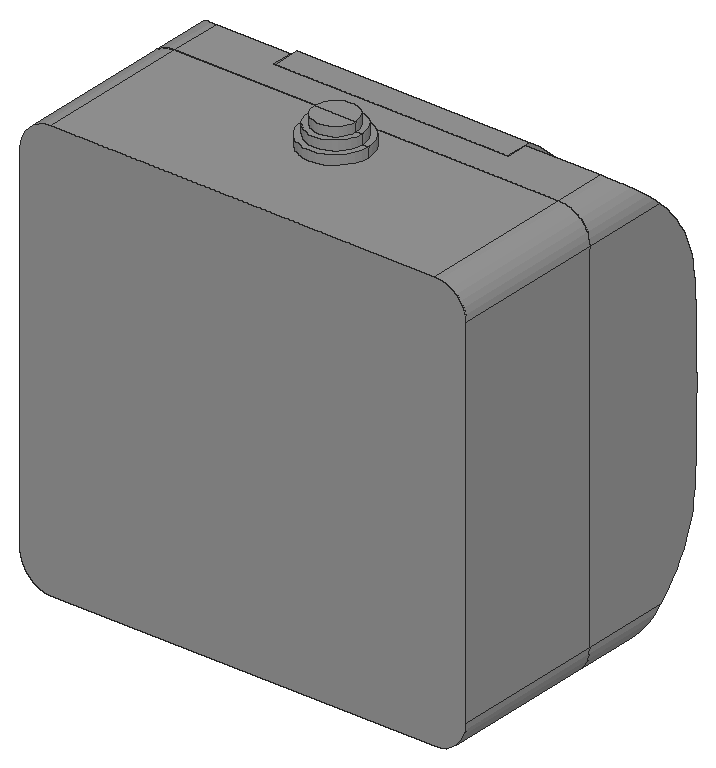
Revit family "IEK_РозеткаСетевая_ОткрытойУстановки_C ЗК с Кр 16А одноместная IP54_AQUATIC", category Электрические приборы, Revit 2019
Family settings
  Сохранять ориентацию аннотаций = Да
  Размер круглого соединителя = Использовать диаметр
  Тип детали = Нормальный
  На основе рабочей плоскости = Нет
  Всегда вертикально = Да
  При загрузке вырезать с полостями = Нет
  Общий = Нет
  Точка расчета площади = Нет
Parameters (values of type "РСш12-2-А")
  Ширина = 72 mm  # constant formula
  Тип монтажа = "Поверхность монтажа (открытая установка)"  # constant formula
  Степень защиты = "IP54"  # constant formula
  Изготовитель = "IEK"  # constant formula
  Дата изменения = ""
  Глубина = 47.5 mm  # constant formula
  Высота = 77 mm  # constant formula
  ΔХ [instance] = 2000 mm
  ΔY [instance] = 2000 mm
  KSI_CPr_Строительные изделия = "20.4.03.04 20.4.03.05 20.4.03.06"  # constant formula
  KSI_CMa_Строительные материалы = "01.7.14.03"  # constant formula
  IEK_Цена за единицу = 257.8
  IEK_Поиск в таблице имен = ""
  IEK_Описание = "Серия электроустановочных изделий AQUATIC IEK с повышенной степенью защиты IP54 предназначена для организации электроснабжения в условиях высокой влажности, в пыльных помещениях, мастерских, гаражах, а также на улице при установке под навесом, защищающем от прямого попадания осадков.\r\nСерия AQUATIC IEK продумана до мельчайших деталей для удобства и безопасного использования."
  IEK_URL = "https://www.iek.ru/products/catalog/izdeliya_elektroustanovochnye_udliniteli_i_silovye_razemy/elektroustanovochnye_izdeliya/elektroustanovochnye_izdeliya_otkrytogo_montazha_ip44_ip54/elektroustanovochnye_izdeliya_aquatic/rozetka_1_mestnaya_dlya_otkrytoy_ustanovki_rssh12_2_a_s_zazemlyayushchim_kontaktom_i_kryshkoy_16a_ip54_aquatic_iek"
  ADSK_Ток [instance] = 16 A  # constant formula
  ADSK_Примечание = ""
  ADSK_Полная мощность [instance] = ADSK_Номинальная мощность / ADSK_Коэффициент мощности  # 3520 VA
  ADSK_Позиция [instance] = ""
  ADSK_Номинальная мощность [instance] = ADSK_Ток * ADSK_Напряжение * sqrt(ADSK_Количество фаз числовое) * ADSK_Коэффициент мощности  # 3520 W
  ADSK_Напряжение = 220 V
  ADSK_Наименование = "Розетка 1-местная для открытой установки РСш12-2-А с заземляющим контактом и крышкой 16А IP54 AQUATIC IEK"
  ADSK_Материал обозначение = ""
  ADSK_Материал наименование = "Пластик"  # constant formula
  ADSK_Материал = Окраска - RAL 7035
  ADSK_Масса = 0.12
  ADSK_Марка = "AQUATIC"  # constant formula
  ADSK_Коэффициент мощности [instance] = 1  # constant formula
  ADSK_Количество фаз числовое = 1
  ADSK_Количество фаз = 1
  ADSK_Код изделия = "ERA12-K03-16-54"
  ADSK_Классификация нагрузок [instance] = Прочее
  ADSK_Завод-изготовитель = "IEK"  # constant formula
  ADSK_Единица измерения = "шт"  # constant formula
  ADSK_Группирование = "III ЭЛЕКТРОУСТАНОВОЧНЫЕ И ЭЛЕКТРОМОНТАЖНЫЕ ИЗДЕЛИЯ"  # constant formula
  ADSK_Версия семейства = "1.0"  # constant formula
  ADSK_Версия Revit = "2019"  # constant formula
  ADSK_URL страницы изделия = "https://www.iek.ru/products/catalog/izdeliya_elektroustanovochnye_udliniteli_i_silovye_razemy/elektroustanovochnye_izdeliya/elektroustanovochnye_izdeliya_otkrytogo_montazha_ip44_ip54/elektroustanovochnye_izdeliya_aquatic/"
Reference planes
  plane 1 "По центру (Вперед/Назад)": y = 0
  plane 2: z = 0
  plane 3 "По центру (Влево/Вправо)": x = 0
  plane 4 "Высота ножек": z = 280
  plane 5 "Высота": z = 2081.496
  plane 6: x = -2000
  plane 7: y = 2000
Forms (mm)
  Extrusion 1, solid, detail levels coarse
    sketch origin (5, 0, 0) x (1, 0, 0) y (0, 1, 0)
      loop
        line (-41, 47.5) -> (-41, 0) -> (31, 0) -> (31, 47.5) -> (-41, 47.5)
    from 0 to 77
  Extrusion 2, solid, detail levels medium
    sketch origin (5, 33.5, 0) x (1, 0, 0) y (0, 1, 0)
      loop
        line (-41, 14) -> (-41, -33.5) -> (31, -33.5) -> (31, 14) -> (-41, 14)
    from 0 to 77
  Extrusion 3, solid, material "Окраска - RAL 7035" <- "ADSK_Материал", detail levels fine
    sketch origin (0, 0, 0) x (1, 0, 0) y (0, 0, 1)
      loop
        line (31, 72.5) -> (-31, 72.5)
        arc (-31, 72.5) -> (-34.536, 71.036) -> (-36, 67.5) r 5
        line (-36, 67.5) -> (-36, 9.5)
        arc (-36, 9.5) -> (-34.536, 5.964) -> (-31, 4.5) r 5
        line (-31, 4.5) -> (31, 4.5)
        arc (31, 4.5) -> (34.536, 5.964) -> (36, 9.5) r 5
        line (36, 9.5) -> (36, 67.5)
        arc (36, 67.5) -> (34.536, 71.036) -> (31, 72.5) r 5
    from 0 to -25
  Extrusion 4, solid, material "Окраска - RAL 7035" <- "ADSK_Материал", detail levels fine
    sketch origin (0, 0, 0) x (0, 1, 0) y (0, 0, 1)
      loop
        line (25, 72.5) -> (25, 4.5) -> (33.36, 4.5)
        spline (33.36, 4.5) -> (37.052, 7.49) -> (39.935, 10.244) -> (42.111, 12.781) -> (43.681, 15.117) -> (44.751, 17.278) -> (45.431, 19.324) -> (45.834, 21.329) -> (46.076, 23.368) -> (46.253, 25.585) -> (46.384, 28.46) -> (46.466, 32.572) -> (46.494, 38.5)
        spline (46.494, 38.5) -> (46.466, 44.428) -> (46.384, 48.54) -> (46.253, 51.415) -> (46.076, 53.632) -> (45.834, 55.671) -> (45.431, 57.676) -> (44.751, 59.722) -> (43.681, 61.883) -> (42.111, 64.219) -> (39.935, 66.756) -> (37.052, 69.51) -> (33.36, 72.5)
        line (33.36, 72.5) -> (25, 72.5)
    from 36 to -36
  Extrusion 5, void
    sketch origin (0, 0, 0) x (1, 0, 0) y (0, 0, 1)
      loop
        line (31, 17.5) -> (31, 59.5)
        arc (31, 59.5) -> (29.536, 63.036) -> (26, 64.5) r 5
        line (26, 64.5) -> (19.01, 64.5) -> (19.01, 80.035) -> (-19.01, 80.035) -> (-19.01, 64.5) -> (-26, 64.5)
        arc (-26, 64.5) -> (-29.536, 63.036) -> (-31, 59.5) r 5
        line (-31, 59.5) -> (-31, 17.5)
        arc (-31, 17.5) -> (-29.536, 13.964) -> (-26, 12.5) r 5
        line (-26, 12.5) -> (-19.01, 12.5) -> (-19.01, -1.782) -> (19.01, -1.782) -> (19.01, 12.5) -> (26, 12.5)
        arc (26, 12.5) -> (29.536, 13.964) -> (31, 17.5) r 5
    from -30 to -47.5
  Revolve 6, solid, material "Окраска - RAL 7035" <- "ADSK_Материал", detail levels fine
    sketch origin (0, 18.639, 0) x (1, 0, 0) y (0, 0, 1)
      loop
        line (0, 72.5) -> (0, 77) -> (-3.336, 77) -> (-3.336, 75.541) -> (-4.336, 75.541) -> (-4.336, 74.014) -> (-5.336, 74.014) -> (-5.336, 72.5) -> (0, 72.5)
      loop
        line (0, 4.5) -> (-5.336, 4.5) -> (-5.336, 2.986) -> (-4.336, 2.986) -> (-4.336, 1.459) -> (-3.336, 1.459) -> (-3.336, 0) -> (0, 0) -> (0, 4.5)
      axis (0, 0) -> (0, 77)
    angle from 0 to 360
  Extrusion 7, void
    sketch origin (0, 0, 0) x (1, 0, 0) y (0, 0, 1)
      loop
        line (36, 67.5) -> (39.092, 67.5) -> (39.092, 75.313) -> (31, 75.313) -> (31, 72.5)
        arc (31, 72.5) -> (34.536, 71.036) -> (36, 67.5) r 5
      loop
        arc (-36, 67.5) -> (-34.536, 71.036) -> (-31, 72.5) r 5
        line (-31, 72.5) -> (-31, 75.313) -> (-39.092, 75.313) -> (-39.092, 67.5) -> (-36, 67.5)
      loop
        arc (36, 9.5) -> (34.536, 5.964) -> (31, 4.5) r 5
        line (31, 4.5) -> (31, 1.687) -> (39.092, 1.687) -> (39.092, 9.5) -> (36, 9.5)
      loop
        line (-36, 9.5) -> (-39.092, 9.5) -> (-39.092, 1.687) -> (-31, 1.687) -> (-31, 4.5)
        arc (-31, 4.5) -> (-34.536, 5.964) -> (-36, 9.5) r 5
    from -25 to -47.5
  Extrusion 8, solid, material "Окраска - RAL 7035" <- "ADSK_Материал", detail levels fine
    sketch origin (0, 0, 0) x (1, 0, 0) y (0, 0, 1)
      loop
        line (18.768, 72.5) -> (-18.768, 72.5) -> (-18.768, 64.311) -> (-25.745, 64.311)
        arc (-25.745, 64.311) -> (-29.28, 62.847) -> (-30.745, 59.311) r 5
        line (-30.745, 59.311) -> (-30.745, 17.689)
        arc (-30.745, 17.689) -> (-29.28, 14.153) -> (-25.745, 12.689) r 5
        line (-25.745, 12.689) -> (-18.768, 12.689) -> (-18.768, 7.689)
        arc (-18.768, 7.689) -> (0, 4.5) -> (18.768, 7.689) r 56.82
        line (18.768, 7.689) -> (18.768, 12.689) -> (25.745, 12.689)
        arc (25.745, 12.689) -> (29.28, 14.153) -> (30.745, 17.689) r 5
        line (30.745, 17.689) -> (30.745, 59.311)
        arc (30.745, 59.311) -> (29.28, 62.847) -> (25.745, 64.311) r 5
        line (25.745, 64.311) -> (18.768, 64.311) -> (18.768, 72.5)
    from -30 to -47.5
  Extrusion 9, void
    sketch origin (0, 0, 0) x (0, 1, 0) y (0, 0, 1)
      loop
        line (56.051, 1.237) -> (56.051, 75.763) -> (34.365, 75.763) -> (34.365, 72.5)
        spline (34.365, 72.5) -> (38.058, 69.51) -> (40.941, 66.756) -> (43.116, 64.219) -> (44.687, 61.883) -> (45.757, 59.722) -> (46.436, 57.676) -> (46.84, 55.671) -> (47.082, 53.632) -> (47.259, 51.415) -> (47.39, 48.54) -> (47.472, 44.428) -> (47.5, 38.5)
        spline (47.5, 38.5) -> (47.472, 32.572) -> (47.39, 28.46) -> (47.259, 25.585) -> (47.082, 23.368) -> (46.84, 21.329) -> (46.436, 19.324) -> (45.757, 17.278) -> (44.687, 15.117) -> (43.116, 12.781) -> (40.941, 10.244) -> (38.058, 7.49) -> (34.365, 4.5)
        line (34.365, 4.5) -> (34.365, 1.237) -> (56.051, 1.237)
    from 56.532 to -50
Cuts and joins
  Extrusion 5 cuts Extrusion 3
  Extrusion 5, Extrusion 7 cuts Extrusion 4
  Extrusion 9 cuts Extrusion 8
Lines and regions (mm)
  reference lines
    curve 1: line (0, 44.647, 0) -> (0, -55.353, 0)
    curve 2: line (-23.829, 0, 0) -> (76.171, 0, 0)
Dimensions and locks
  locked: plane 4 "Высота ножек" to plane 2 at 280
  plane 5 "Высота" to plane 4 "Высота ножек" = 1801.496 mm
  "ΔХ": plane 6 to curve 1
  "ΔY": plane 7 to curve 2
  aligned and locked: level to plane 2
  aligned and locked: nested 1 to curve 1
  aligned and locked: curve 2 to nested 1
  aligned and locked: Extrusion 1 to Extrusion 2  (x2)
Automatic sketch dimensions
  plane 1 "По центру (Вперед/Назад)" to Extrusion 1 sketch curve = 0 mm
  Extrusion 1 sketch curve to plane 3 "По центру (Влево/Вправо)" = 36 mm
  plane 3 "По центру (Влево/Вправо)" to Extrusion 1 sketch curve = 36 mm
  Extrusion 1 sketch curve to plane 1 "По центру (Вперед/Назад)" = 47.5 mm
  plane 1 "По центру (Вперед/Назад)" to Extrusion 2 sketch curve = 0 mm
  Extrusion 2 sketch curve to plane 3 "По центру (Влево/Вправо)" = 36 mm
  plane 3 "По центру (Влево/Вправо)" to Extrusion 2 sketch curve = 36 mm
  Extrusion 2 sketch curve to plane 1 "По центру (Вперед/Назад)" = 47.5 mm
  level to Extrusion 3 sketch curve = 9.5 mm
  Extrusion 3 sketch curve to plane 3 "По центру (Влево/Вправо)" = 36 mm
  level to Extrusion 3 sketch curve = 4.5 mm
  Extrusion 3 sketch curve to Extrusion 3 sketch curve = 5 mm  (x2)
  plane 3 "По центру (Влево/Вправо)" to Extrusion 3 sketch curve = 31 mm  (x2)
  Extrusion 3 sketch curve to Extrusion 3 sketch curve = 58 mm
  Revolve 6 sketch curve to level = 0 mm
  Revolve 6 sketch curve to plane 3 "По центру (Влево/Вправо)" = 0 mm  (x3)
  Revolve 6 sketch curve to plane 3 "По центру (Влево/Вправо)" = 3.336 mm  (x2)
  Revolve 6 sketch curve to Revolve 6 sketch curve = 1 mm  (x4)
  Revolve 6 sketch curve to Revolve 6 sketch curve = 1.459 mm  (x2)
  Revolve 6 sketch curve to Revolve 6 sketch curve = 1.527 mm  (x2)
  Revolve 6 sketch curve to Revolve 6 sketch curve = 4.5 mm
  Revolve 6 sketch curve to Revolve 6 sketch curve = 68 mm
  Revolve 6 sketch curve to Revolve 6 sketch curve = 1.514 mm
  Revolve 6 sketch curve to level = 381 mm
  Revolve 6 sketch curve to plane 5 "Высота" = 462.485 mm
  Extrusion 5 sketch curve to Extrusion 5 sketch curve = 5 mm  (x3)
  Extrusion 5 sketch curve to Extrusion 5 sketch curve = 6.99 mm  (x4)
  Extrusion 5 sketch curve to level = 1.782 mm
  plane 3 "По центру (Влево/Вправо)" to Extrusion 5 sketch curve = 19.01 mm  (x2)
  Extrusion 5 sketch curve to Extrusion 5 sketch curve = 14.282 mm
  Extrusion 5 sketch curve to Extrusion 5 sketch curve = 42 mm  (x2)
  Extrusion 5 sketch curve to Extrusion 5 sketch curve = 15.535 mm
  level to Extrusion 5 sketch curve = 12.5 mm
  Extrusion 5 sketch curve to plane 3 "По центру (Влево/Вправо)" = 19.01 mm
  Extrusion 7 sketch curve to plane 3 "По центру (Влево/Вправо)" = 39.092 mm  (x2)
  level to Extrusion 7 sketch curve = 9.5 mm  (x2)
  Extrusion 7 sketch curve to Extrusion 7 sketch curve = 3.092 mm  (x3)
  Extrusion 7 sketch curve to Extrusion 7 sketch curve = 5 mm  (x3)
  level to Extrusion 7 sketch curve = 1.687 mm  (x2)
  Extrusion 7 sketch curve to Extrusion 7 sketch curve = 8.092 mm  (x2)
  plane 3 "По центру (Влево/Вправо)" to Extrusion 7 sketch curve = 31 mm  (x2)
  Extrusion 7 sketch curve to Extrusion 7 sketch curve = 58 mm  (x2)
  Extrusion 7 sketch curve to Extrusion 7 sketch curve = 7.813 mm
  Extrusion 7 sketch curve to Extrusion 7 sketch curve = 2.813 mm
  Extrusion 8 sketch curve to plane 3 "По центру (Влево/Вправо)" = 0 mm
  Extrusion 8 sketch curve to plane 3 "По центру (Влево/Вправо)" = 18.768 mm  (x2)
  Extrusion 8 sketch curve to Extrusion 8 sketch curve = 6.977 mm  (x4)
  Extrusion 8 sketch curve to Extrusion 8 sketch curve = 5 mm  (x3)
  plane 3 "По центру (Влево/Вправо)" to Extrusion 8 sketch curve = 18.768 mm  (x2)
  level to Extrusion 8 sketch curve = 12.689 mm  (x2)
  Extrusion 8 sketch curve to Extrusion 8 sketch curve = 41.622 mm  (x2)
  Extrusion 8 sketch curve to Extrusion 8 sketch curve = 2.991 mm
  Extrusion 8 sketch curve to Extrusion 8 sketch curve = 8.189 mm
  Extrusion 9 sketch curve to plane 1 "По центру (Вперед/Назад)" = 34.365 mm  (x2)
  level to Extrusion 9 sketch curve = 1.237 mm
  Extrusion 9 sketch curve to Extrusion 9 sketch curve = 13.135 mm
  Extrusion 9 sketch curve to Extrusion 9 sketch curve = 21.685 mm
  Extrusion 9 sketch curve to Extrusion 9 sketch curve = 3.263 mm  (x2)
  Extrusion 9 sketch curve to Extrusion 9 sketch curve = 34 mm  (x2)
  Extrusion 4 sketch curve to plane 1 "По центру (Вперед/Назад)" = 25 mm
  Extrusion 4 sketch curve to Extrusion 4 sketch curve = 8.36 mm  (x2)
  level to Extrusion 4 sketch curve = 4.5 mm
  Extrusion 4 sketch curve to Extrusion 4 sketch curve = 68 mm
  Extrusion 4 sketch curve to Extrusion 4 sketch curve = 13.135 mm
  Extrusion 4 sketch curve to Extrusion 4 sketch curve = 34 mm
  curve 2 to plane 3 "По центру (Влево/Вправо)" = 23.829 mm
  plane 3 "По центру (Влево/Вправо)" to curve 2 = 76.171 mm
  plane 1 "По центру (Вперед/Назад)" to curve 1 = 55.353 mm
  curve 1 to plane 1 "По центру (Вперед/Назад)" = 44.647 mm
Nested families
  nested 1: "УГО Розетки" at (0, 0, 0), type "2PE-O", detail levels coarse+medium
    with Количество в блоке "", Блок розеток no, IP44 yes
Connectors
  electrical at (0, 23.75, 0), driven by "ADSK_Количество фаз", driven by "ADSK_Классификация нагрузок", driven by "ADSK_Напряжение", driven by "ADSK_Полная мощность", driven by "ADSK_Коэффициент мощности"
    settings: on Extrusion 1, index 1, voltage 220 V, apparent load 0 VA, apparent load phase1 3520 VA, apparent load phase2 0 VA, apparent load phase3 0 VA, power factor 1, load classification "Прочее", number of poles 1, system type 31, power factor state 1, is connector primary yes, connector utility no, sub classification motor no, connector description ""
Definition of nested family "УГО Розетки"
  Parameters (values of type "3PE-O")
    Количество в блоке [instance] = ""
    Блок розеток [instance] = no
    IP44 [instance] = no
    3PE-O = yes
    3PE-C = no
    2PE-O = no
    2PE-C = no
    2P-O = no
    2P-C = no
  Types (6, lengths in mm): name | 3PE-O | 3PE-C | 2PE-O | 2PE-C | 2P-O | 2P-C
    2P-O | no | no | no | no | yes | no
    3PE-O | yes | no | no | no | no | no
    2P-C | no | no | no | no | no | yes
    2PE-C | no | no | no | yes | no | no
    2PE-O | no | no | yes | no | no | no
    3PE-C | no | yes | no | no | no | no
  Reference planes
    plane 1: y = 0
    plane 2: x = 0
  Lines and regions (mm)
    Filled region 1, type "Цветовая область 1", visible <- "IP44"
      outline origin (0, 0, 0) x (1, 0, 0) y (0, 1, 0)
        loop
          line (-2.5, 0) -> (2.5, 0)
          arc (2.5, 0) -> (0, 2.5) -> (-2.5, 0) r 2.5
    Filled region 2, type "Цветовая область 1", visible <- "IP44", not visible
      outline origin (0, 0, 0) x (1, 0, 0) y (0, 1, 0)
        loop
          line (-2.5, 4.664) -> (2.5, 4.664)
          arc (2.5, 4.664) -> (0, 7.164) -> (-2.5, 4.664) r 2.5
    detail lines
      curve 1: line (-2.5, 0, 0) -> (2.5, 0, 0)
      curve 3: line (0, 2.5, 0) -> (0, 5, 0)
      curve 4: arc (-2.5, 0, 0) -> (0, 2.5, 0) -> (2.5, 0, 0) r 2.5
    detail lines, visible <- "3PE-C"
      curve 2: line (0, 0, 0) -> (0, 2.5, 0)
      curve 5: line (-2.5, 2.5, 0) -> (2.5, 2.5, 0)
      curve 17: line (0, 2.5, 0) -> (1.768, 4.268, 0)
      curve 18: line (0, 2.5, 0) -> (-1.768, 4.268, 0)
    detail lines, not visible
      curve 6: line (-2.5, 4.664, 0) -> (2.5, 4.664, 0)
      curve 8: line (0, 7.164, 0) -> (0, 9.664, 0)
      curve 9: arc (-2.5, 4.664, 0) -> (0, 7.164, 0) -> (2.5, 4.664, 0) r 2.5
    detail lines, visible <- "3PE-C", not visible
      curve 7: line (0, 4.664, 0) -> (0, 7.164, 0)
      curve 10: line (-2.5, 7.164, 0) -> (2.5, 7.164, 0)
      curve 23: line (0, 7.164, 0) -> (1.768, 8.932, 0)
      curve 24: line (0, 7.164, 0) -> (-1.768, 8.932, 0)
    detail lines, visible <- "3PE-O"
      curve 11: line (-2.5, 2.5, 0) -> (2.5, 2.5, 0)
      curve 19: line (0, 2.5, 0) -> (1.768, 4.268, 0)
      curve 20: line (0, 2.5, 0) -> (-1.768, 4.268, 0)
    detail lines, visible <- "3PE-O", not visible
      curve 12: line (-2.5, 7.164, 0) -> (2.5, 7.164, 0)
      curve 25: line (0, 7.164, 0) -> (1.768, 8.932, 0)
      curve 26: line (0, 7.164, 0) -> (-1.768, 8.932, 0)
    detail lines, visible <- "2PE-C"
      curve 13: line (0, 0, 0) -> (0, 2.5, 0)
      curve 22: line (-2.5, 2.5, 0) -> (2.5, 2.5, 0)
    detail lines, visible <- "2P-C"
      curve 14: line (0, 0, 0) -> (0, 2.5, 0)
    detail lines, visible <- "2PE-C", not visible
      curve 15: line (0, 4.664, 0) -> (0, 7.164, 0)
      curve 28: line (-2.5, 7.164, 0) -> (2.5, 7.164, 0)
    detail lines, visible <- "2P-C", not visible
      curve 16: line (0, 4.664, 0) -> (0, 7.164, 0)
    detail lines, visible <- "2PE-O"
      curve 21: line (-2.5, 2.5, 0) -> (2.5, 2.5, 0)
    detail lines, visible <- "2PE-O", not visible
      curve 27: line (-2.5, 7.164, 0) -> (2.5, 7.164, 0)
    reference lines
      curve 29: line (100, 9.605, 0) -> (100, -3.971, 0)
  Text (mm)
    label "3" at (1.908, 5.573, 0), shows "Количество в блоке", visible <- "Блок розеток"
    label "3" at (1.908, 10.237, 0), shows "Количество в блоке", visible <- "Блок розеток", not visible
  Dimensions and locks
    aligned and locked: Filled region 1 sketch curve to curve 4
    aligned and locked: Filled region 2 sketch curve to curve 9
